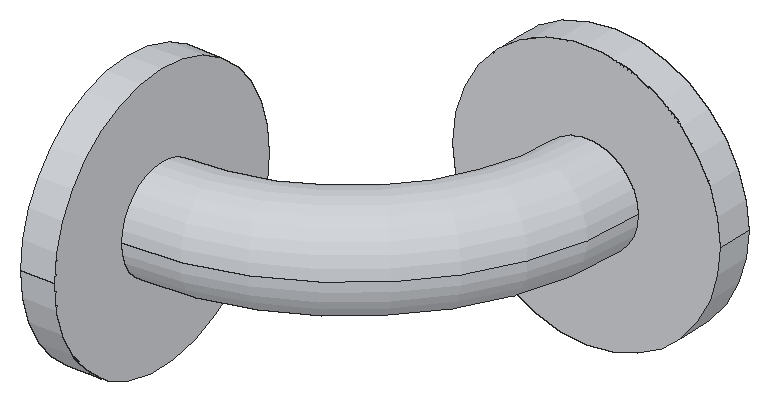
Revit family "374621a35049437380b12ec43b960141", category Pipe Fittings, Revit 2021
Family settings
  Round Connector Dimension = Use Radius
  Part Type = Elbow
  OmniClass Number = 23.60.30.11.14
  OmniClass Title = Pipework Fittings
  Seek Item ID = Elbow Long Radius - Flanged - GI - Class 250-0000-USA-ENU
  Work Plane-Based = No
  Always vertical = Yes
  Cut with Voids When Loaded = No
  Shared = No
Parameters (values of type "Standard")
  Wall Thickness [instance] = size_lookup(Lookup Table Name, "WThk", 0.06 * Nominal Diameter + 97/256", Nominal Diameter)  # 0.43701"
  Loss Method = K Coefficient from Table
  Lookup Table Name = "Elbow Long Radius - Flanged - GI - Class 250"
  Length 5 [instance] = Length 1 * sin(Angle)  # 5"
  Length 4 [instance] = Length 1 + Length 1 * cos(Angle)  # 5"
  Tick Size [instance] = Flange Diameter * 0.4  # 1.95276"
  Raised Face Thickness [instance] = 1/16"  # constant formula
  Raised Face Radius [instance] = Raised Face Diameter / 2  # 1.33858"
  Raised Face Diameter [instance] = size_lookup(Lookup Table Name, "RFD", 1.2 * Nominal Diameter + 2 1/256", Nominal Diameter)  # 2.67717"
  Length 3 [instance] = Flange Thickness - Raised Face Thickness  # 0.62648"
  K Coefficient Table = "Long Radius Flanged 45, 90 and 180 Elbow"
  Fitting Outside Radius [instance] = Fitting Outside Diameter / 2  # 0.92913"
  Fitting Outside Diameter [instance] = Fitting Inside Diameter + Wall Thickness * 2  # 1.85827"
  Length 2 [instance] = (Fitting Outside Radius + 1/32") * tan(Angle / 2) + Flange Thickness  # 1.64936"
  Nominal Radius [instance] = 1/2"
  Nominal Diameter [instance] = Nominal Radius * 2  # 1"
  Fitting Inside Diameter [instance] = size_lookup(Lookup Table Name, "FID", 0.97 * Nominal Diameter + 13/128", Nominal Diameter)  # 0.98425"
  Length 1 [instance] = if(Center to Face > Fitting Outside Radius * tan(Angle / 2) + Flange Thickness, Center to Face, Length 2)  # 5"
  Default Elevation = 0' - 0"
  Center to Face [instance] = size_lookup(Lookup Table Name, "CtF", 1.27 * Nominal Diameter + 3 233/256", Nominal Diameter)  # 5"
  Center Radius [instance] = (Length 1 - Flange Thickness) / tan(Angle / 2)  # 4.31102"
  Flange Thickness [instance] = size_lookup(Lookup Table Name, "FThk", 0.08 * Nominal Diameter + 217/256", Nominal Diameter)  # 0.68898"
  Flange Radius [instance] = Flange Diameter / 2  # 2.44094"
  Flange Diameter [instance] = size_lookup(Lookup Table Name, "FDia", 1.34 * Nominal Diameter + 4 3/16", Nominal Diameter)  # 4.88189"
  Assembly Code = ""
  Angle [instance] = 90.00°
Reference planes (in)
  plane 1 "Center (Front/Back)": y = 0
  plane 2: z = 0
  plane 3 "Center (Left/Right)": x = 0
  plane 4: x = -4.31102
  plane 5: x = -5
  plane 6: y = 4.31102
  plane 7: y = 1.95276
  plane 8: y = -1.95276
  plane 9: x = -4.31102
  plane 10: x = -4.9375
  plane 11: y = 5
  plane 12: x = 0
Forms (in)
  Sweep 1, solid, detail levels fine
    path in 3D
      loop
        arc (-4.31102, 0, 0) -> (-1.26267, 1.26267, 0) -> (0, 4.31102, 0) r 4.31102
    profile origin (-1.26267, 1.26267, 0) x (-0.707107, 0.707107, 0) y (0, 0, 1)
      loop
        circle (0, 0) r 0.92913
  Sweep 2, solid, detail levels fine
    path in 3D
      loop
        line (-4.9375, 0, 0) -> (-4.31102, 0, 0)
    profile origin (-4.62426, 0, 0) x (0, 1, 0) y (0, 0, 1)
      loop
        circle (0, 0) r 2.44094
  Sweep 3, solid, detail levels fine
    path in 3D
      loop
        line (0, 4.31102, 0) -> (0, 4.9375, 0)
    profile origin (0, 4.62426, 0) x (-1, 0, 0) y (0, 0, 1)
      loop
        circle (0, 0) r 2.44094
  Sweep 4, solid, detail levels fine
    path in 3D
      loop
        line (-5, 0, 0) -> (-4.9375, 0, 0)
    profile origin (-4.96875, 0, 0) x (0, 1, 0) y (0, 0, 1)
      loop
        circle (0, 0) r 1.33858
  Sweep 5, solid, detail levels fine
    path in 3D
      loop
        line (0, 5, 0) -> (0, 4.9375, 0)
    profile origin (0, 4.96875, 0) x (1, 0, 0) y (0, 0, 1)
      loop
        circle (0, 0) r 1.33858
Cuts and joins
  joined: Sweep 1, Sweep 2, Sweep 3, Sweep 4, Sweep 5
Lines and regions (in)
  model lines, detail levels coarse+medium
    curve 1: line (-4.9375, 0, 0) -> (-4.31102, 0, 0)
    curve 2: arc (-4.31102, 0, 0) -> (-1.26267, 1.26267, 0) -> (0, 4.31102, 0) r 4.31102
    curve 3: line (0, 4.31102, 0) -> (0, 4.9375, 0)
    curve 8: line (-5, 0, 0) -> (-5, 1.95276, 0)
    curve 9: line (-5, 0, 0) -> (-5, -1.95276, 0)
    curve 10: line (-5, 0, 0) -> (-4.9375, 0, 0)
    curve 13: line (0, 5, 0) -> (-1.95276, 5, 0)
    curve 14: line (0, 5, 0) -> (1.95276, 5, 0)
    curve 15: line (0, 5, 0) -> (0, 4.9375, 0)
  sketch lines
    curve 4: arc (-4.31102, 0, 0) -> (-1.26267, 1.26267, 0) -> (0, 4.31102, 0) r 4.31102
    curve 5: line (-4.9375, 0, 0) -> (-4.31102, 0, 0)
    curve 6: line (0, 4.31102, 0) -> (0, 4.9375, 0)
    curve 11: line (-5, 0, 0) -> (-4.9375, 0, 0)
    curve 16: line (0, 5, 0) -> (0, 4.9375, 0)
  reference lines
    curve 7: line (-5, 0, 0) -> (-4.31102, 0, 0)
    curve 12: line (0, 5, 0) -> (0, 4.31102, 0)
Dimensions and locks (in)
  "Center Radius": plane 6 to plane 1 "Center (Front/Back)"
  "Flange Thickness": plane 5 to plane 4
  "Tick Size": plane 7 to plane 1 "Center (Front/Back)"
  "Tick Size": plane 8 to plane 1 "Center (Front/Back)"
  "Length 3": curve 3 to curve 3
  locked: plane 5 to plane 9 at 0.68898
  "Length 1": plane 5 to plane 3 "Center (Left/Right)"
  "Raised Face Thickness": plane 5 to plane 10
  "Length 5": plane 11 to plane 1 "Center (Front/Back)"
  "Length 4": plane 5 to plane 12
  locked: curve 12 to curve 12 at 0.68898
  "Tick Size": curve 13 to curve 13
  "Tick Size": curve 14 to curve 14
  "Raised Face Thickness": curve 15 to curve 15
  "Center Radius": radius of curve 2
  "Fitting Outside Radius": radius of Sweep 1 sketch curve
  "Flange Radius": radius of Sweep 2 sketch curve
  "Flange Radius": radius of Sweep 3 sketch curve
  "Raised Face Radius": radius of Sweep 4 sketch curve
  "Raised Face Radius": radius of Sweep 5 sketch curve
  "Angle": angle curve 2 to curve 2
  "Angle": angle plane 1 "Center (Front/Back)" to curve 3
  "Angle": angle plane 1 "Center (Front/Back)" to curve 12
  "Angle": angle plane 3 "Center (Left/Right)" to curve 13
  "Angle": angle plane 3 "Center (Left/Right)" to curve 14
  "Angle": angle plane 1 "Center (Front/Back)" to curve 15
  aligned and locked: plane 4 to curve 2
  aligned and locked: plane 5 to curve 7
  aligned and locked: plane 9 to curve 7
  aligned and locked: plane 1 "Center (Front/Back)" to curve 7
  aligned and locked: plane 7 to curve 8
  aligned and locked: plane 1 "Center (Front/Back)" to curve 9
  aligned and locked: plane 8 to curve 9
  aligned and locked: plane 10 to curve 1
  aligned and locked: plane 5 to curve 10
  aligned and locked: plane 12 to curve 12
  aligned and locked: plane 11 to curve 12
  aligned and locked: plane 11 to curve 15
Automatic sketch dimensions
  Sweep 1 sketch curve to profile plane = 0' - 0"  (x2)
  Sweep 2 sketch curve to profile plane = 0' - 0"  (x2)
  Sweep 3 sketch curve to profile plane = 0' - 0"  (x2)
  Sweep 4 sketch curve to profile plane = 0' - 0"  (x2)
  Sweep 5 sketch curve to profile plane = 0' - 0"  (x2)
Connectors (in)
  piping at (-5, 0, 0), diameter 1, driven by "Nominal Radius", driven by "Angle"
    settings: on cut or joined group of Sweep 1, Sweep 2, Sweep 3, Sweep 4, Sweep 5, index 1, connector inside diameter 1", connector length 0' - 0", flow factor 0, pipe flow 0 GPM, pressure drop 0.00 psi, fitting loss kfactor 0, connector angle 90.00°, fixture units 0, engagement length 0' - 0", angle of deflection 0.00°, flow configuration 0, flow direction 0, fitting loss method 0, system type 28, joint type 0, gender type 0, connector reference index 2, connector utility 0, adjustable connector no, is connector primary yes, connector description ""
  piping at (0, 5, 0), diameter 1, driven by "Nominal Radius", driven by "Angle"
    settings: on cut or joined group of Sweep 1, Sweep 2, Sweep 3, Sweep 4, Sweep 5, index 2, connector inside diameter 1", connector length 0' - 0", flow factor 0, pipe flow 0 GPM, pressure drop 0.00 psi, fitting loss kfactor 0, connector angle 90.00°, fixture units 0, engagement length 0' - 0", angle of deflection 0.00°, flow configuration 0, flow direction 0, fitting loss method 0, system type 28, joint type 0, gender type 0, connector reference index 1, connector utility 0, adjustable connector no, is connector primary no, connector description ""
